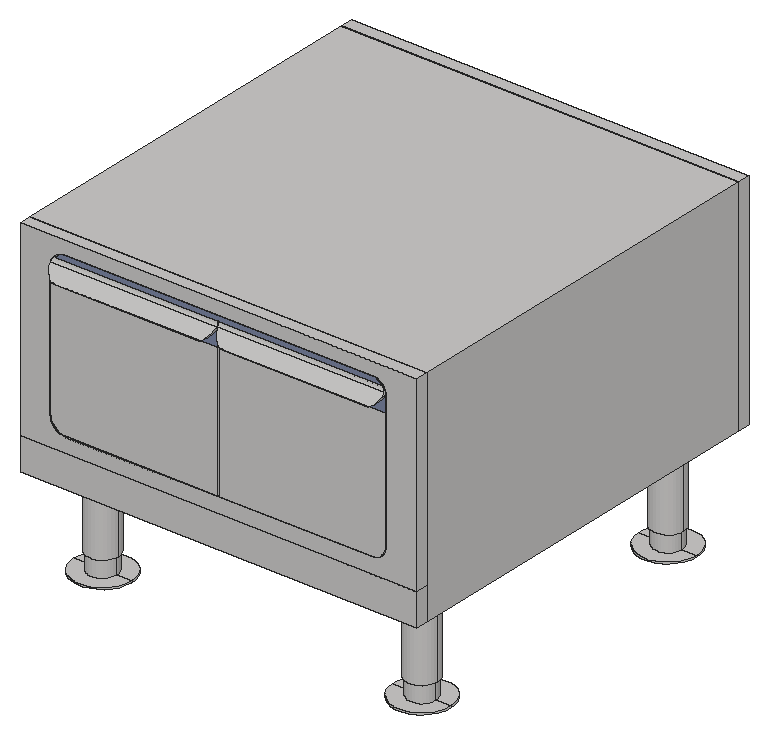
Revit family "QF_ELECTROLUXPROFESSIONAL_589906_MC1JCAHOOM", category Attrezzature speciali, Revit 2021
Family settings
  Quota connettore circolare = Usa diametro
  Tipo di parte = Normale
  Basato su piano di lavoro = No
  Sempre verticale = Sì
  Taglio con vuoti quando caricato = No
  Condiviso = No
  Punto di calcolo locali = No
Parameters (values of type "Standard")
  Weight = 30.00 kg
  Watts = 0 W
  Volts = 0 V
  URL Manufacturer = "https://www.electroluxprofessional.com/"
  URL = "https://www.electroluxprofessional.com/"
  Steam Supply Size = 0"
  Steam Supply Minimum Pressure = 0.00 psi
  Steam Supply Maximum Pressure = 0.00 psi
  Steam Consumption per Hour = 0
  Refrigeration Suction Line Size = 0 mm
  Refrigeration Liquid Line Size = 0 mm
  Refrigerant Compressor Remote = yes
  Prospetto di default = 0 mm
  Phase = 0
  Modello = "MC1JCAHOOM"
  Produttore = "Electrolux Professional"
  Length Actual = 800 mm  # constant formula
  Item Number = "589906"
  Hot Water Size = 0"
  Height Actual = 450 mm  # constant formula
  HP = "0 HP"
  Gas Size = 0"
  Gas KW = 0
  Gas Input Pressure = 0.0 Btu/h
  Direct Waste Size = 0"
  Descrizione = "CUPBOARD BASE, H3, GN, 2DR, 1SIDE, MARINE FEET, 800X900X450H"
  Depth Actual = 900 mm  # constant formula
  Cycle = 0 Hz
  Condensate Return Size = 0"
  Compressed Air Volume = 0 GPM
  Compressed Air Size = 0"
  Compressed Air Pressure = 0.00 psi
  Cold Water Size = 0"
  Accessory = yes
Reference planes
  plane 1 "BACK": y = 0
  plane 2: z = 0
  plane 3 "LEFT": x = -200
  plane 4 "RIGHT": x = 600
  plane 5 "FRONT": y = -900
  plane 6 "PLAIN": z = 900
  plane 7 "Center (Left/Right)": x = 200
  plane 8 "Center (Front/Back)": y = -450
  plane 9 "TOP": z = 650
  plane 10 "BASE": z = 200
  plane 11: x = 522
  plane 12: x = -122
  plane 13 "Feet_back": y = -150
  plane 14 "Feet_Front": y = -770
  plane 15: x = -140
  plane 16: x = 540
  plane 17: z = 265
  plane 18: y = -45
  plane 19: y = -855
  plane 20: y = -70
  plane 21: y = -880
  plane 22 "ButtonZ": z = 590
  plane 23: z = 427
Forms (mm)
  Extrusion 1, solid, material "QF_Finishes_Stainless Steel"
    sketch origin (-200, 0, 650) x (0, 1, 0) y (0, 0, 1)
      loop
        line (-70, -450) -> (-70, 0) -> (-855, 0) -> (-855, -450) -> (-70, -450)
    from 0 to 800
  Extrusion 2, solid, material "QF_Finishes_Stainless Steel"
    sketch origin (-200, 0, 650) x (0, 1, 0) y (0, 0, 1)
      loop
        line (-880, -450) -> (-855, -450) -> (-855, -385) -> (-880, -385) -> (-880, -450)
    from 0 to 800
  Extrusion 3, void
    sketch origin (0, -900, 0) x (1, 0, 0) y (0, 0, 1)
      loop
        line (-140, 593) -> (-140, 327)
        arc (-140, 327) -> (-130.627, 304.373) -> (-108, 295) r 32
        line (-108, 295) -> (508, 295)
        arc (508, 295) -> (530.627, 304.373) -> (540, 327) r 32
        line (540, 327) -> (540, 593)
        arc (540, 593) -> (530.627, 615.627) -> (508, 625) r 32
        line (508, 625) -> (-108, 625)
        arc (-108, 625) -> (-130.627, 615.627) -> (-140, 593) r 32
    from 0 to -830
  Revolve 4, solid, material "QF_Finishes_Stainless Steel"
    sketch origin (396, -770, 0) x (-1, 0, 0) y (0, 0, 1)
      loop
        line (550, 38) -> (550, 200) -> (518, 200) -> (518, 0) -> (576.5, 0) -> (576.5, 3) -> (546, 3) -> (546, 38) -> (550, 38)
      axis (518, 200) -> (518, 0)
    angle from 0 to 360
  Revolve 5, solid, material "QF_Finishes_Stainless Steel"
    sketch origin (640, -770, 0) x (-1, 0, 0) y (0, 0, 1)
      loop
        line (150, 38) -> (150, 200) -> (118, 200) -> (118, 0) -> (176.5, 0) -> (176.5, 3) -> (146, 3) -> (146, 38) -> (150, 38)
      axis (118, 200) -> (118, 0)
    angle from 0 to 360
  Revolve 6, solid, material "QF_Finishes_Stainless Steel"
    sketch origin (396, -150, 0) x (-1, 0, 0) y (0, 0, 1)
      loop
        line (550, 38) -> (550, 200) -> (518, 200) -> (518, 0) -> (576.5, 0) -> (576.5, 3) -> (546, 3) -> (546, 38) -> (550, 38)
      axis (518, 200) -> (518, 0)
    angle from 0 to 360
  Revolve 7, solid, material "QF_Finishes_Stainless Steel"
    sketch origin (640, -150, 0) x (-1, 0, 0) y (0, 0, 1)
      loop
        line (150, 38) -> (150, 200) -> (118, 200) -> (118, 0) -> (176.5, 0) -> (176.5, 3) -> (146, 3) -> (146, 38) -> (150, 38)
      axis (118, 200) -> (118, 0)
    angle from 0 to 360
  Extrusion 8, solid, material "QF_Finishes_Stainless Steel"
    sketch origin (0, -900, 0) x (1, 0, 0) y (0, 0, 1)
      loop
        line (-200, 650) -> (-200, 265) -> (600, 265) -> (600, 650) -> (-200, 650)
      loop
        arc (540, 593) -> (530.627, 615.627) -> (508, 625) r 32
        line (508, 625) -> (-108, 625)
        arc (-108, 625) -> (-130.627, 615.627) -> (-140, 593) r 32
        line (-140, 593) -> (-140, 327)
        arc (-140, 327) -> (-130.627, 304.373) -> (-108, 295) r 32
        line (-108, 295) -> (508, 295)
        arc (508, 295) -> (530.627, 304.373) -> (540, 327) r 32
        line (540, 327) -> (540, 593)
    from -45 to -20
  Extrusion 9, solid, material "QF_Finishes_Stainless Steel"
    sketch origin (0, 0, 0) x (1, 0, 0) y (0, 0, 1)
      loop
        line (-200, 650) -> (-200, 200) -> (600, 200) -> (600, 650) -> (-200, 650)
    from 45 to 70
  Extrusion 10, solid, material "QF_Finishes_Stainless Steel"
    sketch origin (0, -450, 0) x (-1, 0, 0) y (0, 0, 1)
      loop
        line (140, 427) -> (140, 450) -> (-540, 450) -> (-540, 427) -> (140, 427)
    from -405 to 380
Cuts and joins
  Extrusion 3 cuts Extrusion 1
Lines and regions (mm)
  symbolic lines, style "SpecialityEquipmentHiddenLines"
    curve 1: line (-200, 0, 0) -> (600, 0, 0)
    curve 2: line (-200, -900, 0) -> (-200, 0, 0)
    curve 3: line (600, -900, 0) -> (-200, -900, 0)
    curve 4: line (600, 0, 0) -> (600, -900, 0)
Dimensions and locks
  plane 3 "LEFT" to plane 4 "RIGHT" = 800 mm
  plane 5 "FRONT" to plane 1 "BACK" = 900 mm
  plane 3 "LEFT" to plane 7 "Center (Left/Right)" to plane 4 "RIGHT" = 400 mm, 400 mm
  equal spacing: plane 5 "FRONT", plane 8 "Center (Front/Back)", plane 1 "BACK"
  plane 6 "PLAIN" to plane 9 "TOP" = 250 mm
  plane 10 "BASE" to level = 200 mm
  plane 9 "TOP" to plane 10 "BASE" = 450 mm
  locked: plane 1 "BACK" to plane 13 "Feet_back" at 150
  locked: plane 14 "Feet_Front" to plane 5 "FRONT" at 130
  locked: plane 12 to plane 3 "LEFT" at 78
  locked: plane 11 to plane 4 "RIGHT" at 78
  plane 16 to plane 15 = 680 mm
  locked: plane 17 to plane 10 "BASE" at 65
  locked: plane 1 "BACK" to plane 18 at 45
  plane 6 "PLAIN" to level = 900 mm
  locked: plane 18 to plane 20 at 25
  locked: plane 21 to plane 5 "FRONT" at 20
  locked: plane 19 to plane 21 at 25
  plane 18 to plane 21 = 835 mm
  plane 22 "ButtonZ" to level = 590 mm
  plane 11 to plane 12 = 644 mm
  plane 23 to plane 17 = 162 mm
  aligned and locked: level to plane 2
  aligned and locked: Extrusion 1 to plane 4 "RIGHT"
  aligned and locked: Extrusion 1 to plane 3 "LEFT"
  aligned and locked: Extrusion 2 to plane 4 "RIGHT"
  aligned and locked: Extrusion 3 sketch curve to plane 15
  aligned and locked: plane 16 to Extrusion 3 sketch curve
  aligned and locked: Extrusion 2 to plane 10 "BASE"
  aligned and locked: Extrusion 2 to plane 17
  aligned and locked: cut or joined group of Extrusion 1, Extrusion 3 to plane 20
  aligned and locked: Extrusion 2 to plane 19
  aligned and locked: plane 21 to Extrusion 2
  aligned and locked: plane 7 "Center (Left/Right)" to nested 1
  aligned and locked: Extrusion 10 to plane 20
  aligned and locked: plane 19 to Extrusion 10
Automatic sketch dimensions
  curve 3 to plane 3 "LEFT" = 0 mm
  curve 3 to plane 4 "RIGHT" = 0 mm
  plane 5 "FRONT" to curve 3 = 0 mm
  plane 1 "BACK" to curve 2 = 0 mm
  Extrusion 1 sketch curve to plane 10 "BASE" = 0 mm
  Extrusion 1 sketch curve to plane 19 = 0 mm
  Extrusion 1 sketch curve to plane 20 = 0 mm
  Extrusion 1 sketch curve to plane 9 "TOP" = 0 mm
  plane 17 to Extrusion 2 sketch curve = 0 mm
  Extrusion 2 sketch curve to plane 21 = 0 mm
  Extrusion 2 sketch curve to plane 10 "BASE" = 0 mm
  Extrusion 2 sketch curve to plane 19 = 0 mm
  Revolve 4 sketch curve to plane 12 = 0 mm  (x2)
  Revolve 4 sketch curve to level = 0 mm
  Revolve 4 sketch curve to plane 10 "BASE" = 0 mm
  Revolve 4 sketch curve to plane 12 = 28 mm
  Revolve 4 sketch curve to Revolve 4 sketch curve = 32 mm
  plane 3 "LEFT" to Revolve 4 sketch curve = 19.5 mm
  level to Revolve 4 sketch curve = 3 mm
  Revolve 4 sketch curve to Revolve 4 sketch curve = 35 mm
  Revolve 4 sketch curve to Revolve 4 sketch curve = 130 mm
  Revolve 4 sketch curve to plane 17 = 115 mm
  Revolve 5 sketch curve to plane 11 = 0 mm  (x2)
  Revolve 5 sketch curve to level = 0 mm
  Revolve 5 sketch curve to plane 10 "BASE" = 0 mm
  Revolve 5 sketch curve to plane 11 = 28 mm
  Revolve 5 sketch curve to Revolve 5 sketch curve = 32 mm
  Revolve 5 sketch curve to Revolve 5 sketch curve = 30.5 mm
  level to Revolve 5 sketch curve = 3 mm
  Revolve 5 sketch curve to Revolve 5 sketch curve = 35 mm
  Revolve 5 sketch curve to Revolve 5 sketch curve = 130 mm
  Revolve 5 sketch curve to plane 17 = 115 mm
  Revolve 6 sketch curve to plane 12 = 0 mm  (x2)
  Revolve 6 sketch curve to level = 0 mm
  Revolve 6 sketch curve to plane 10 "BASE" = 0 mm
  Revolve 6 sketch curve to plane 12 = 28 mm
  Revolve 6 sketch curve to Revolve 6 sketch curve = 32 mm
  plane 3 "LEFT" to Revolve 6 sketch curve = 19.5 mm
  level to Revolve 6 sketch curve = 3 mm
  Revolve 6 sketch curve to Revolve 6 sketch curve = 35 mm
  Revolve 6 sketch curve to Revolve 6 sketch curve = 130 mm
  Revolve 6 sketch curve to plane 17 = 115 mm
  Revolve 7 sketch curve to plane 11 = 0 mm  (x2)
  Revolve 7 sketch curve to level = 0 mm
  Revolve 7 sketch curve to plane 10 "BASE" = 0 mm
  Revolve 7 sketch curve to plane 11 = 28 mm
  Revolve 7 sketch curve to Revolve 7 sketch curve = 32 mm
  Revolve 7 sketch curve to Revolve 7 sketch curve = 30.5 mm
  level to Revolve 7 sketch curve = 3 mm
  Revolve 7 sketch curve to Revolve 7 sketch curve = 35 mm
  Revolve 7 sketch curve to Revolve 7 sketch curve = 130 mm
  Revolve 7 sketch curve to plane 17 = 115 mm
  Extrusion 9 sketch curve to plane 3 "LEFT" = 0 mm
  plane 4 "RIGHT" to Extrusion 9 sketch curve = 0 mm
  Extrusion 9 sketch curve to plane 10 "BASE" = 0 mm
  Extrusion 9 sketch curve to plane 9 "TOP" = 0 mm
  Extrusion 8 sketch curve to plane 3 "LEFT" = 0 mm
  Extrusion 8 sketch curve to plane 15 = 0 mm
  Extrusion 8 sketch curve to plane 16 = 0 mm
  plane 4 "RIGHT" to Extrusion 8 sketch curve = 0 mm
  Extrusion 8 sketch curve to plane 17 = 0 mm
  Extrusion 8 sketch curve to plane 9 "TOP" = 0 mm
  plane 12 to Extrusion 8 sketch curve = 14 mm  (x2)
  Extrusion 8 sketch curve to plane 11 = 14 mm  (x2)
  Extrusion 8 sketch curve to plane 17 = 30 mm
  plane 22 "ButtonZ" to Extrusion 8 sketch curve = 3 mm
  plane 12 to Extrusion 3 sketch curve = 14 mm  (x2)
  Extrusion 3 sketch curve to plane 17 = 62 mm
  Extrusion 3 sketch curve to plane 11 = 14 mm
  plane 22 "ButtonZ" to Extrusion 3 sketch curve = 3 mm  (x2)
  plane 23 to Extrusion 10 sketch curve = 0 mm
  Extrusion 10 sketch curve to Extrusion 10 sketch curve = 23 mm
  Extrusion 10 sketch curve to plane 15 = 0 mm
  Extrusion 10 sketch curve to plane 16 = 0 mm
Nested families
  nested 1: "H450H2_2DOORS" at (163.958, -855, 198) x (1, 0, 0) z (0, -1, 0), type "H450H2_2DOORS"
    with Width 680 mm, Show Clearance yes
Definition of nested family "H450H2_2DOORS"
  Parameters (values of type "H450H2_2DOORS")
    Width [instance] = 680 mm
    Show Clearance [instance] = yes
    Model = "727995"
    Height = 450 mm
    Default Elevation = 0 mm
  Reference planes
    plane 1 "Center (Front/Back)": y = 0
    plane 2: z = 0
    plane 3 "Center (Left/Right)": x = 36.042
    plane 4 "panel": z = 25
    plane 5: x = -303.958
    plane 6: x = 376.042
    plane 7: y = 450
    plane 8: z = 340
    plane 9: z = 45
    plane 10: x = -278.958
    plane 11: x = 351.042
  Forms (mm)
    Extrusion 1, solid
      sketch origin (0, -919.2, 0) x (1, 0, 0) y (0, 1, 0)
        loop
          line (-980.5, 2119.2) -> (-980.5, -162.846) -> (881.94, -162.846) -> (881.94, 2119.2) -> (-980.5, 2119.2)
      from 0 to -59.546
    Extrusion 2, solid
      sketch origin (0, 0, 0) x (1, 0, 0) y (0, 1, 0)
        loop
          arc (-301.958, 129) -> (-293.171, 107.787) -> (-271.958, 99) r 30
          line (-271.958, 99) -> (33.986, 99) -> (33.986, 368) -> (-301.958, 368) -> (-301.958, 129)
      from 0 to 25
    Extrusion 3, solid
      sketch origin (0, 0, 0) x (1, 0, 0) y (0, 1, 0)
        loop
          line (-301.958, 368) -> (374.042, 368) -> (374.042, 425) -> (-301.958, 425) -> (-301.958, 368)
      from 0 to 25
    Extrusion 4, solid
      sketch origin (36.042, -25, 0) x (0, 1, 0) y (0, 0, 1)
        loop
          line (426.693, 25) -> (440.02, 25)
          arc (440.02, 25) -> (435.261, 25.775) -> (430.993, 28.02) r 15
          line (430.993, 28.02) -> (406.653, 46.362) -> (403.644, 42.369) -> (426.693, 25)
      from -338 to 338
    Extrusion 5, void
      sketch origin (72.084, -25, 0) x (-1, 0, 0) y (0, -1, 0)
        loop
          line (374.042, -450) -> (374.042, -403.644) -> (350.317, -403.644)
          arc (350.317, -403.644) -> (364.048, -412.332) -> (373.528, -425.53) r 42.603
          arc (373.528, -425.53) -> (363.201, -443.086) -> (344.042, -450) r 30
          line (344.042, -450) -> (374.042, -450)
      from 25 to 47.9
    Extrusion 6, solid, detail levels coarse
      sketch origin (0, 0, 0) x (1, 0, 0) y (0, 0, 1)
        loop
          line (-303.958, 340) -> (-303.958, 46.362) -> (33.793, 46.362)
          arc (33.793, 46.362) -> (-70.607, 248.54) -> (-278.958, 340) r 340.918
          line (-278.958, 340) -> (-303.958, 340)
        loop
          line (376.042, 340) -> (351.042, 340)
          arc (351.042, 340) -> (142.691, 248.54) -> (38.291, 46.362) r 340.918
          line (38.291, 46.362) -> (376.042, 46.362) -> (376.042, 340)
      from -425 to -99
    Extrusion 7, void
      sketch origin (72.084, -25, 0) x (-1, 0, 0) y (0, -1, 0)
        loop
          line (374.042, -450) -> (374.042, -420)
          arc (374.042, -420) -> (365.255, -441.213) -> (344.042, -450) r 30
          line (344.042, -450) -> (374.042, -450)
      from 25 to -5.351
    Extrusion 8, void
      sketch origin (0, -25, 0) x (1, 0, 0) y (0, 1, 0)
        loop
          line (374.042, 450) -> (344.042, 450)
          arc (344.042, 450) -> (365.255, 441.213) -> (374.042, 420) r 30
          line (374.042, 420) -> (374.042, 450)
      from 25 to -5.351
    Extrusion 9, void
      sketch origin (0, -25, 0) x (1, 0, 0) y (0, 1, 0)
        loop
          line (374.042, 450) -> (344.042, 450)
          arc (344.042, 450) -> (363.201, 443.086) -> (373.528, 425.53) r 30
          arc (373.528, 425.53) -> (364.048, 412.332) -> (350.317, 403.644) r 42.603
          line (350.317, 403.644) -> (374.042, 403.644) -> (374.042, 450)
      from 25 to 46.362
    Extrusion 10, solid
      sketch origin (0, 0, 0) x (1, 0, 0) y (0, 1, 0)
        loop
          line (38.098, 99) -> (344.042, 99)
          arc (344.042, 99) -> (365.255, 107.787) -> (374.042, 129) r 30
          line (374.042, 129) -> (374.042, 368) -> (38.098, 368) -> (38.098, 99)
      from 0 to 25
    Extrusion 11, void
      sketch origin (-310.056, -25, 0) x (1, 0, 0) y (0, 1, 0)
        loop
          arc (371.879, 403.644) -> (356.649, 413.817) -> (347.098, 429.444) r 42.603
          line (347.098, 429.444) -> (347.098, 440.02) -> (345.098, 440.02) -> (345.098, 429.444)
          arc (345.098, 429.444) -> (335.547, 413.817) -> (320.317, 403.644) r 42.603
          line (320.317, 403.644) -> (371.879, 403.644)
      from 25 to 46.362
  Cuts and joins
    Extrusion 5, Extrusion 7, Extrusion 9, Extrusion 11 cuts Extrusion 4
    Extrusion 7, Extrusion 8, Extrusion 9, Extrusion 11 cuts Extrusion 3
    Extrusion 7, Extrusion 8, Extrusion 9, Extrusion 11 cuts Extrusion 6
  Lines and regions (mm)
    symbolic lines
      curve 1: line (-303.958, 0, 340) -> (-303.958, 0, 45)
      curve 2: arc (33.977, 0, 45) -> (-70.106, 0, 248.069) -> (-278.958, 0, 340) r 340.918
      curve 3: line (-278.958, 0, 45) -> (-278.958, 0, 340)
      curve 4: line (-278.958, 0, 340) -> (-303.958, 0, 340)
      curve 5: arc (351.042, 0, 340) -> (142.19, 0, 248.069) -> (38.107, 0, 45) r 340.918
      curve 6: line (376.042, 0, 45) -> (376.042, 0, 340)
      curve 7: line (376.042, 0, 340) -> (351.042, 0, 340)
      curve 8: line (351.042, 0, 45) -> (351.042, 0, 340)
  Dimensions and locks
    plane 4 "panel" to level = 25 mm
    "Width": plane 5 to plane 6
    equal spacing: plane 5, plane 3 "Center (Left/Right)", plane 6
    "Height": plane 1 "Center (Front/Back)" to plane 7
    locked: plane 5 to Extrusion 2 sketch curve at 2
    plane 1 "Center (Front/Back)" to Extrusion 2 sketch curve = 99 mm
    plane 7 to Extrusion 2 sketch curve = 82 mm
    Extrusion 3 sketch curve to Extrusion 2 = 57 mm
    locked: plane 10 to plane 5 at 25
    Extrusion 1 to plane 8 = 340 mm
    plane 6 to plane 11 = 25 mm
    aligned and locked: plane 2 to Extrusion 1
    aligned and locked: level to Extrusion 1
    aligned and locked: plane 4 "panel" to Extrusion 2
    aligned and locked: plane 4 "panel" to Extrusion 3
    aligned and locked: Extrusion 3 to Extrusion 4  (x2)
    aligned and locked: Extrusion 3 to Extrusion 2
    aligned and locked: cut or joined group of Extrusion 4, Extrusion 5, Extrusion 7, Extrusion 9, Extrusion 11 to plane 4 "panel"
    aligned and locked: plane 5 to Extrusion 6 sketch curve
  Automatic sketch dimensions
    curve 1 to plane 5 = 0 mm
    curve 2 to level = 0 mm
    curve 2 to plane 5 = 0 mm
    curve 2 to plane 8 = 0 mm
    plane 10 to curve 2 = 0 mm
    curve 2 to plane 9 = 0 mm
    curve 5 to plane 9 = 0 mm
    curve 5 to plane 8 = 0 mm
    plane 11 to curve 5 = 0 mm
    curve 6 to plane 6 = 0 mm
    curve 5 to level = 0 mm
    curve 5 to plane 6 = 0 mm
    curve 1 to plane 9 = 0 mm
    curve 6 to plane 9 = 0 mm
    curve 3 to plane 9 = 0 mm
    curve 8 to plane 9 = 0 mm
    Extrusion 1 sketch curve to Extrusion 1 sketch curve = 1862.44 mm
    Extrusion 1 sketch curve to Extrusion 1 sketch curve = 2282.046 mm
    Extrusion 2 sketch curve to plane 10 = 7 mm
    Extrusion 2 sketch curve to plane 3 "Center (Left/Right)" = 2.056 mm
    plane 5 to Extrusion 3 sketch curve = 2 mm
    Extrusion 3 sketch curve to plane 6 = 2 mm
    Extrusion 3 sketch curve to Extrusion 3 sketch curve = 57 mm
    Extrusion 4 sketch curve to plane 4 "panel" = 0 mm
    Extrusion 4 sketch curve to plane 9 = 2.631 mm
    Extrusion 4 sketch curve to plane 7 = 71.356 mm
    plane 9 to Extrusion 4 sketch curve = 1.362 mm
    Extrusion 4 sketch curve to Extrusion 4 sketch curve = 3.009 mm
    plane 4 "panel" to Extrusion 4 sketch curve = 3.02 mm
    Extrusion 4 sketch curve to Extrusion 4 sketch curve = 9.027 mm
    plane 10 to Extrusion 5 sketch curve = 16.221 mm
    plane 10 to Extrusion 5 sketch curve = 7 mm
    plane 10 to Extrusion 5 sketch curve = 0.725 mm
    Extrusion 5 sketch curve to plane 5 = 2 mm
    plane 7 to Extrusion 5 sketch curve = 71.356 mm
    Extrusion 5 sketch curve to Extrusion 5 sketch curve = 16.356 mm
    Extrusion 5 sketch curve to Extrusion 5 sketch curve = 23.329 mm
    plane 7 to Extrusion 5 sketch curve = 25 mm
    plane 10 to Extrusion 7 sketch curve = 7 mm
    Extrusion 7 sketch curve to plane 5 = 2 mm
    plane 7 to Extrusion 7 sketch curve = 55 mm
    Extrusion 7 sketch curve to Extrusion 7 sketch curve = 0 mm
    plane 7 to Extrusion 7 sketch curve = 25 mm
    plane 11 to Extrusion 8 sketch curve = 7 mm
    Extrusion 8 sketch curve to plane 6 = 2 mm
    Extrusion 8 sketch curve to plane 7 = 55 mm
    Extrusion 8 sketch curve to plane 7 = 25 mm
    Extrusion 8 sketch curve to Extrusion 8 sketch curve = 0 mm
    plane 11 to Extrusion 9 sketch curve = 16.221 mm
    plane 11 to Extrusion 9 sketch curve = 7 mm
    plane 11 to Extrusion 9 sketch curve = 0.725 mm
    Extrusion 9 sketch curve to plane 6 = 2 mm
    Extrusion 9 sketch curve to plane 7 = 71.356 mm
    Extrusion 9 sketch curve to Extrusion 9 sketch curve = 16.356 mm
    Extrusion 9 sketch curve to Extrusion 9 sketch curve = 23.329 mm
    Extrusion 9 sketch curve to plane 7 = 25 mm
    plane 3 "Center (Left/Right)" to Extrusion 10 sketch curve = 2.056 mm
    plane 11 to Extrusion 10 sketch curve = 7 mm
    Extrusion 10 sketch curve to plane 6 = 2 mm
    Extrusion 10 sketch curve to plane 1 "Center (Front/Back)" = 99 mm
    Extrusion 10 sketch curve to plane 7 = 82 mm
    Extrusion 11 sketch curve to plane 3 "Center (Left/Right)" = 41.277 mm
    Extrusion 11 sketch curve to plane 3 "Center (Left/Right)" = 25.781 mm
    Extrusion 11 sketch curve to plane 3 "Center (Left/Right)" = 1 mm
    plane 3 "Center (Left/Right)" to Extrusion 11 sketch curve = 1 mm
    plane 3 "Center (Left/Right)" to Extrusion 11 sketch curve = 25.781 mm
    Extrusion 11 sketch curve to Extrusion 11 sketch curve = 40.277 mm
    Extrusion 11 sketch curve to plane 7 = 71.356 mm
    Extrusion 11 sketch curve to Extrusion 11 sketch curve = 25.8 mm
    Extrusion 11 sketch curve to Extrusion 11 sketch curve = 0 mm
    Extrusion 11 sketch curve to Extrusion 11 sketch curve = 10.577 mm
    Extrusion 6 sketch curve to level = 0 mm  (x2)
    Extrusion 6 sketch curve to plane 5 = 0 mm
    Extrusion 6 sketch curve to plane 8 = 0 mm  (x2)
    plane 10 to Extrusion 6 sketch curve = 0 mm
    plane 11 to Extrusion 6 sketch curve = 0 mm
    Extrusion 6 sketch curve to plane 6 = 0 mm  (x2)
    plane 9 to Extrusion 6 sketch curve = 1.362 mm  (x2)
